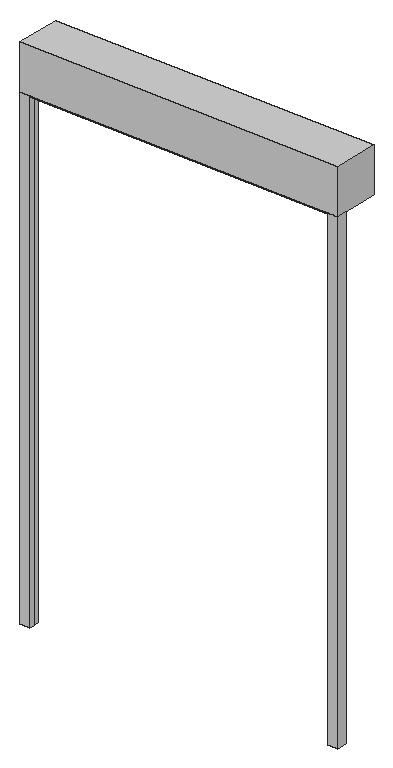
Revit family "Fire-Smoke-Curtain_Hose_Stream-Manual_DoorSystems_DSI-HSM10B", category Doors, host Wall, Revit 2023
Family settings
  Host = Wall
  OmniClass Number = 23.30.10.21.11.11
  OmniClass Title = Rolling Fire Doors
  Always vertical = Yes
  Cut with Voids When Loaded = No
  Shared = No
  Room Calculation Point = No
Parameters (values of type "Single Roller")
  Width [instance] = Opening Width  # 5' - 0"
  Unit Width [instance] = Opening Width + (0' 2" * 2)  # 5' - 4"
  Unit Height [instance] = Opening Height + HeadBox_Height  # 8' - 9"
  URL = "https://www.doorsysinc.com/"
  Type Model Notes [instance] = "As Specified"
  Thickness = 0' - 0"  # constant formula
  Standards Conformance = "ICC  ;  UL 1784 S Label  ;  UL 864  ;  OSHPD  ;  LAFD High Rise"  # constant formula
  Specification = "https://www.arcat.com/company/door-systems-50183/spec"
  Rough Width = 0' - 0"  # constant formula
  Rough Height = 0' - 0"  # constant formula
  Product Page URL = "https://www.arcat.com/company/door-systems-50183"
  Opening Width [instance] = 5' - 0"
  Opening Height [instance] = 8' - 0"
  Mounting Method [instance] = "as Specified"
  Model = "DSI-HSM10B"  # constant formula
  Maximum Size [instance] = "16 ft Wide. Heights Above 10 ft Require Larger Head Clearances"
  Manufacturer = "Door Systems"
  Keynote = "07 87 70"
  Invalid Model [instance] = (HeadBox_Height = 0' 0")  # no
  Height [instance] = Opening Height  # 8' - 0"
  HeadBox_Height [instance] = if(not(Opening Height > 10' 0"), 0' 9", 0' 10")  # 0' - 9"
  HeadBox_Depth [instance] = HeadBox_Height  # 0' - 9"
  Frame Depth = 0' - 2"
  Frame Width = 0' - 4"
  Wall Closure = By host
  Fire Performance = "UL 10B 3 HR"  # constant formula
  Define Thermal Properties by = Schematic Type
  Curtain Offset [instance] = 0' - 0"
  Frame Finish [instance] = Metal - Steel - Painted
  Description = "Manual Hose Stream Rated Smoke and Fire Curtain"  # constant formula
  CurtainDrop_Viz = yes
  Curtain Height [instance] = if(Curtain Closed, Opening Height, 0' 0 1/8")  # 0' - 0 1/8"
  Curtain Finish [instance] = Fabric - DoorSystemsInc - Grey Smoke Curtain
  Curtain Closed [instance] = no
  Copyright = "ARCAT"  # constant formula
  CAD Details = "https://www.arcat.com/company/door-systems-50183/cad"
  Available Options [instance] = "as Specified"
  Analytic Construction = "<None>"
Reference planes (in)
  plane 1 "Center (Front/Back)": y = 0
  plane 2 "Center (Left/Right)": x = 0
  plane 3 "Left": x = -32
  plane 4 "Right": x = 32
  plane 5 "Top": z = 96
  plane 6 "Exterior": y = 3
  plane 7 "Interior": y = -3
  plane 8: z = 0
  plane 9: y = 3
  plane 10: z = 105
  plane 11 "DoorOffset": y = 4
  plane 12: y = 5
  plane 13 "Base Curtain": z = 95.875
  plane 14: y = 3
  plane 15: x = 30
  plane 16: x = -30
  plane 17: x = -31.25
  plane 18: x = 31.25
  plane 19: y = 1
Forms (in)
  Extrusion 1, solid, material "Fabric - DoorSystemsInc - Grey Smoke Curtain" <- "Curtain Finish"
    sketch origin (0, 0, 0) x (1, 0, 0) y (0, 1, 0)
      loop
        line (-31.25, 4.07812) -> (-31.25, 3.92187) -> (31.25, 3.92187) -> (31.25, 4.07812) -> (-31.25, 4.07812)
    from 95.875 to 96
  Sweep 2, solid, material "Metal - Steel - Painted" <- "Frame Finish"
    path origin (0, 0, 0) x (1, 0, 0) y (0, 0, 1)
      loop
        line (-32, 96) -> (32, 96)
    profile origin (0, 0, 96) x (0, 0, 1) y (0, -1, 0)
      loop
        line (9, -3) -> (0, -3) -> (0, -12) -> (9, -12) -> (9, -3)
  Sweep 3, solid, material "Metal - Steel - Painted" <- "Frame Finish"
    path origin (0, 0, -0.2845) x (1, 0, 0) y (0, 0, 1)
      loop
        line (0, 0.2845) -> (0, 96.2845)
    profile origin (0, 0, 48) x (-1, 0, 0) y (0, -1, 0)
      loop
        line (-30, -3) -> (-32, -3) -> (-32, -5) -> (-30, -5) -> (-30, -4.125) -> (-31.25, -4.125) -> (-31.25, -3.875) -> (-30, -3.875) -> (-30, -3)
      loop
        line (30, -3) -> (30, -3.875) -> (31.25, -3.875) -> (31.25, -4.125) -> (30, -4.125) -> (30, -5) -> (32, -5) -> (32, -3) -> (30, -3)
  Sweep 4, solid, material "Metal - Steel - Painted" <- "Frame Finish", visible <- "CurtainDrop_Viz"
    path origin (0, 0, 0) x (1, 0, 0) y (0, 1, 0)
      loop
        line (30, 4) -> (-30, 4)
    profile origin (0, 4, 0) x (0, -1, 0) y (0, 0, 1)
      loop
        line (-0.07812, 96.375) -> (-0.20312, 96.375) -> (-0.20312, 96) -> (-1, 96) -> (-1, 95.875) -> (-0.07812, 95.875) -> (-0.07812, 96.375)
      loop
        line (0.07812, 95.875) -> (1, 95.875) -> (1, 96) -> (0.20312, 96) -> (0.20312, 96.375) -> (0.07812, 96.375) -> (0.07812, 95.875)
  Extrusion 5, solid, material "Error Material", visible <- "Invalid Model"
    sketch origin (0, 0, 0) x (1, 0, 0) y (0, 1, 0)
      loop
        line (-32, -2) -> (32, -2) -> (32, 10) -> (-32, 10) -> (-32, -2)
    from 0 to 105
Lines and regions (in)
  Opening 1
    outline origin (-6.31014, -3, 0) x (1, 0, 0) y (0, 0, 1)
      loop
        line (36.31014, 96) -> (-23.68986, 96) -> (-23.68986, 0) -> (36.31014, 0) -> (36.31014, 96)
Text (in)
  text "Exterior" at (-74.96733, 27.31104, 0), in view "Ref. Level"
  text "Interior" at (-74.96733, -25.14366, 0), in view "Ref. Level"
  text "Exterior" at (0, 40.15149, 123.01588), in view "Right"
  text "Interior" at (0, -64.39139, 123.01588), in view "Right"
  text "Interior" at (0, 15.98401, 123.00693), in view "Left"
  text "Exterior" at (0, 54.57065, 123.00693), in view "Left"
Dimensions and locks (in)
  equal spacing: plane 3 "Left", plane 2 "Center (Left/Right)", plane 4 "Right"
  "Unit Width": plane 3 "Left" to plane 4 "Right"
  Extrusion 1 sketch curve to Extrusion 1 sketch curve = 0' - 0 5/32"
  equal spacing: Extrusion 1 sketch curve, plane 11 "DoorOffset", Extrusion 1 sketch curve
  "Frame Depth": plane 9 to plane 12
  plane 8 to plane 10 = 8' - 9"
  "Curtain Height": plane 5 "Top" to plane 13 "Base Curtain"
  "Opening Height": plane 5 "Top" to plane 8
  equal spacing: plane 12, plane 11 "DoorOffset", plane 9
  locked: plane 9 to plane 14
  equal spacing: plane 16, plane 2 "Center (Left/Right)", plane 15
  "Opening Width": plane 16 to plane 15
  locked: plane 15 to plane 18 at 1.25
  locked: plane 17 to plane 16 at 1.25
  locked: Sweep 3 sketch curve to plane 16 at 1.25
  Sweep 3 sketch curve to plane 11 "DoorOffset" to Sweep 3 sketch curve = 0' - 0 1/8" locked, 0' - 0 1/8" locked
  locked: plane 15 to Sweep 3 sketch curve at 1.25
  "Curtain Offset": plane 9 to plane 6 "Exterior"
  Sweep 4 sketch curve to Sweep 4 sketch curve to plane 13 "Base Curtain" = 0' - 0 3/8" locked, 0' - 0 1/8" locked
  "Frame Depth": plane 6 "Exterior" to plane 19
  locked: plane 12 to Extrusion 5 sketch curve at 5
  locked: Extrusion 5 sketch curve to plane 9 at 5
  Sweep 2 sketch curve to plane 14 = 0' - 9"
  "HeadBox_Height": plane 5 "Top" to plane 10
  aligned and locked: plane 6 "Exterior" to host wall
  aligned and locked: host wall to plane 7 "Interior"
  aligned and locked: plane 8 to level
  aligned and locked: Extrusion 1 to plane 5 "Top"
  aligned and locked: plane 5 "Top" to Sweep 2 sketch curve  (x2)
  aligned and locked: plane 4 "Right" to Sweep 2 sketch curve
  aligned and locked: plane 3 "Left" to Sweep 2 sketch curve
  aligned and locked: plane 10 to Sweep 2 sketch curve
  aligned and locked: plane 14 to Sweep 2 sketch curve
  aligned and locked: Extrusion 1 sketch curve to plane 17
  aligned and locked: plane 18 to Extrusion 1 sketch curve
  aligned and locked: plane 2 "Center (Left/Right)" to Sweep 3 sketch curve
  aligned and locked: Sweep 3 sketch curve to plane 15  (x2)
  aligned and locked: Sweep 3 sketch curve to plane 12
  aligned and locked: Sweep 3 sketch curve to plane 9
  aligned and locked: Sweep 3 sketch curve to plane 4 "Right"
  aligned and locked: plane 16 to Sweep 3 sketch curve  (x2)
  aligned and locked: Sweep 3 sketch curve to plane 3 "Left"
  aligned and locked: Sweep 3 sketch curve to Sweep 3 sketch curve  (x2)
  aligned and locked: plane 1 "Center (Front/Back)" to host wall
  aligned and locked: Sweep 4 sketch curve to plane 11 "DoorOffset"
  aligned and locked: plane 16 to Sweep 4 sketch curve
  aligned and locked: plane 15 to Sweep 4 sketch curve
  aligned and locked: Sweep 4 sketch curve to Extrusion 1
  aligned and locked: Extrusion 1 to Sweep 4 sketch curve
  aligned and locked: Sweep 4 sketch curve to plane 13 "Base Curtain"  (x2)
  aligned and locked: Sweep 4 sketch curve to plane 12
  aligned and locked: Sweep 4 sketch curve to plane 9
  aligned and locked: Sweep 4 sketch curve to Sweep 4 sketch curve  (x2)
  aligned and locked: Extrusion 1 to plane 13 "Base Curtain"
  aligned and locked: plane 16 to Opening 1 sketch curve
  aligned and locked: Opening 1 sketch curve to plane 8
  aligned and locked: plane 15 to Opening 1 sketch curve
  aligned and locked: plane 5 "Top" to Opening 1 sketch curve
  aligned and locked: Extrusion 5 sketch curve to plane 3 "Left"
  aligned and locked: Extrusion 5 sketch curve to plane 4 "Right"
  aligned and locked: Extrusion 5 to plane 10
Automatic sketch dimensions
  Sweep 3 sketch curve to Sweep 3 sketch curve = 0' - 0 7/8"
  Sweep 3 sketch curve to Sweep 3 sketch curve = 0' - 2"
  profile plane to Sweep 4 sketch curve = 0' - 0 13/64"
  Sweep 4 sketch curve to Sweep 4 sketch curve = 0' - 0 1/8"
  Sweep 3 sketch curve to level = 0' - 0"
  plane 5 "Top" to Sweep 3 sketch curve = 0' - 0"
